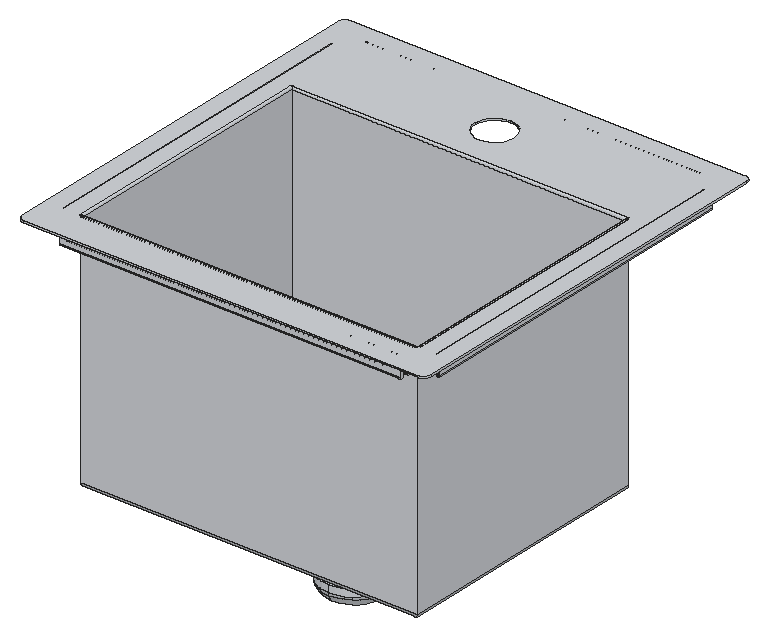
Revit family "Sink-Bar-KOHLER-Vault-K-3840", category Plumbing Fixtures, host Face, Revit 2015
Parameters (values of type "1 Faucet Holes, NA-Stainless Steel")
  Width = 15"  # constant formula
  WaterSense Certified = 1 = 0  # no
  Waste Water Outlet = "Waste Water Outlet"  # constant formula
  Waste Connection = 1 = 1  # yes
  Vent Connection = 1 = 0  # no
  Under Mount [instance] = no
  URL = "https://www.us.kohler.com/us/"
  Type = 1
  Top Mount Height [instance] = if([3 Faucet Holes], 1", 0")  # 0"
  Top Mount [instance] = not(Under Mount)  # yes
  Product Page URL = "http://www.us.kohler.com/us/catalog/productDetails.jsp?productNumber=3840-1"
  Product Name = "Vault"  # constant formula
  Product Documentation Link = "https://www.us.kohler.com/webassets/kpna/catalog/pdf/en/K-3840-1_spec.pdf"
  Model = if(Type = 1, "K-3840-1-NA", if(Type = 2, "K-3840-2-NA", if(Type = 3, "K-3840-3-NA", "NA")))  # "K-3840-1-NA"
  Material = "18-Gauge Stainless Steel"  # constant formula
  MasterFormat 2004 = "22.41.16"  # constant formula
  MasterFormat 1995 = "15410"  # constant formula
  Manufacturer Address = "444 Highland Dr, Kohler, WI 53044"  # constant formula
  Manufacturer = "KOHLER Co."  # constant formula
  Length = 15"  # constant formula
  Hot Water Inlet = "Hot Water Inlet"  # constant formula
  Height = 9 5/16"  # constant formula
  HW Connection = 1 = 0  # no
  Finish = Kohler-Metal-NA-Stainless
  Faucet Hole Spacing = if([3 Faucet Holes], 8", if([2 Faucet Holes], 4", 0"))  # 0"
  Environmental Product Declaration = ""
  Drain Included = 1 = 0  # no
  Description = if(Type = 1, "15inch x 15inch x 9-5/16inch top-/under-mount bar sink with single faucet hole\r\n", if(Type = 2, "15inch x 15inch x 9-5/16inch top-/under-mount bar sink with 2 faucet holes\r\n", if(Type = 3, "12-1/4inch x 9-9/16inch x 9inch top-/under-mount bar sink with 3 faucet holes\r\n", "NA")))  # "15inch x 15inch x 9-5/16inch top-/under-mount bar sink with single faucet hole\r\n"
  Depth [instance] = if(Under Mount, 1 1/16", 0")  # 0"
  Default Elevation = 36"
  Declare Label = ""
  Date Modified = "04/23/2019"  # constant formula
  Date Created = "04/23/2019"  # constant formula
  Copyright = "Copyright KOHLER Co."  # constant formula
  Contact Us = "https://www.us.kohler.com/us/static/contact.jsp"
  Cold Water Inlet = "Cold Water Inlet"  # constant formula
  CW Connection = 1 = 0  # no
  Assembly Code = "D2010400"
  ADA Compliant = 1 = 1  # yes
  3 Faucet Holes = Type = 3  # no
  2 Faucet Holes = Type = 2  # no
  -1 = Type = 1  # yes
Reference planes (in)
  plane 1 "Center (Front/Back)": y = 0
  plane 2: z = 0
  plane 3 "Center (Left/Right)": x = 0
  plane 4: y = 8.875
  plane 5: y = -6.125
  plane 6: x = -7.5
  plane 7: x = 7.5
  plane 8: z = 0
  plane 9: z = -9.2645
  plane 10: y = 6.4375
  plane 11: y = 4.8125
  plane 12: z = -12.1284486
  plane 13: z = 0
  plane 14: z = 0.048
  plane 15: z = -1.6632158
  plane 16: z = -0.6007158
  plane 17: x = 0
  plane 18: x = 0
Forms (in)
  Extrusion 1, void
    sketch origin (0, 0, 0) x (1, 0, 0) y (0, 1, 0)
      loop
        line (-6.1845989, 4.8377094) -> (-6.1845989, -4.8317275) -> (6.1848381, -4.8317275) -> (6.1848381, 4.8377094) -> (-6.1845989, 4.8377094)
    from -14.6395 to 0.379127
  Extrusion 2, void
    sketch origin (0, 0, 0) x (1, 0, 0) y (0, 1, 0)
      loop
        arc (-6.8475444, 8.4855379) -> (-7.0401955, 8.4057392) -> (-7.1199941, 8.2130881) r 0.2724498
        line (-7.1199941, 8.2130881) -> (-7.1199941, -5.5397541)
        arc (-7.1199941, -5.5397541) -> (-7.0399062, -5.7331036) -> (-6.8465566, -5.8131916) r 0.2734375
        line (-6.8465566, -5.8131916) -> (6.8580009, -5.8131916)
        arc (6.8580009, -5.8131916) -> (7.0513504, -5.7331036) -> (7.1314384, -5.5397541) r 0.2734375
        line (7.1314384, -5.5397541) -> (7.1314384, 8.2121004)
        arc (7.1314384, 8.2121004) -> (7.0513504, 8.4054499) -> (6.8580009, 8.4855379) r 0.2734375
        line (6.8580009, 8.4855379) -> (-6.8475444, 8.4855379)
    from -14.6323404 to -1.0625
Dimensions and locks (in)
  "Length": plane 6 to plane 7
  "Width": plane 4 to plane 5
  "Depth": level to plane 13
  locked: plane 14 to plane 13 at 0.048
  "Height": plane 14 to plane 9
  locked: plane 12 to plane 9 at 2.8639486
  locked: plane 14 to plane 16 at 0.6487158
  equal spacing: plane 17, plane 3 "Center (Left/Right)", plane 18
  "Faucet Hole Spacing": plane 17 to plane 18
  aligned and locked: plane 2 to host face
  aligned and locked: level to host face
  aligned and locked: plane 13 to nested 1
Automatic sketch dimensions
  host sketch curve to host sketch curve = 96"  (x2)
  Extrusion 1 sketch curve to plane 6 = 1.3154"
  plane 7 to Extrusion 1 sketch curve = 1.31516"
  Extrusion 1 sketch curve to plane 4 = 4.03729"
  Extrusion 2 sketch curve to plane 6 = 0.38001"
  Extrusion 2 sketch curve to plane 4 = 0.38946"
  plane 5 to Extrusion 2 sketch curve = 0.31181"
  plane 7 to Extrusion 2 sketch curve = 0.36856"
  Extrusion 2 sketch curve to plane 6 = 0.65246"
  Extrusion 2 sketch curve to plane 6 = 0.65344"
  plane 7 to Extrusion 2 sketch curve = 0.642"  (x2)
  plane 5 to Extrusion 1 sketch curve = 1.29327"
Nested families (in)
  nested 1: "K-3840" at (0, 0, 0.048), type "K-3840"
    with Faucet Hole Spacing 8"
Connectors (in)
  piping at (0, 0, -12.0405864), diameter 1.5, driven by "Waste Connection", driven by "Waste Water Outlet"
    settings: on nested 1, index 1, connector inside diameter 24", connector length 0", flow factor 0, pipe flow 0 GPM, pressure drop 0.00 psi, fitting loss kfactor 0, connector angle 0.00°, fixture units 0, engagement length 0", angle of deflection 0.00°, flow configuration 0, flow direction 2, fitting loss method 0, system type 16, joint type 0, gender type 0, connector reference index -1, connector utility 1, adjustable connector no, is connector primary yes, connector description "Waste Water Outlet"
Definition of nested family "K-3840"
  Parameters (values of type "K-3840")
    _2 = no
    _3 = no
    _1 = yes
    Material = none
    Hole alignment 1 = if(_2, 2", 6 7/16")  # 6 7/16"
    Hole alignment = if(_1, 2", 6 7/16")  # 2"
    Faucet Hole Spacing [instance] = if(_2, 4", 8")  # 8"
  Reference planes (in)
    plane 1 "Center (Front/Back)": y = 0
    plane 2: z = 0
    plane 3 "Center (Left/Right)": x = 0
    plane 4: y = 8.875
    plane 5: y = 6.4375
    plane 6: x = -7.5
    plane 7: x = 7.5
    plane 8: y = -6.125
    plane 9: z = -14.6875
    plane 10: z = -9.3125
    plane 11: y = 4.8125
    plane 12: x = 4
    plane 13: x = -4
    plane 14: y = 2
    plane 15: y = 6.4375
    plane 16: z = -0.048
    plane 17: z = 0
    plane 18: z = -12.1764486
    plane 19: x = -4
    plane 20: x = 4
    plane 21: x = -2
    plane 22: x = 2
  Forms (in)
    Sweep 1, solid, material <- "Material", detail levels medium+fine
      path origin (0, 0, 0) x (1, 0, 0) y (0, 1, 0)
        loop
          line (-6.2358804, -4.8830091) -> (6.2361196, -4.8830091) -> (6.2361196, 4.8889909) -> (-6.2358804, 4.8889909) -> (-6.2358804, -4.8830091)
      profile origin (-6.2358804, 0.0029909, 0) x (-1, 0, 0) y (0, 0, 1)
        loop
          line (-4.4900003, -9.0318847) -> (-0.1705347, -8.9200822)
          arc (-0.1705347, -8.9200822) -> (-0.0943296, -8.88677) -> (-0.0630003, -8.8097285) r 0.1103907
          line (-0.0630003, -8.8097285) -> (-0.0630003, -8.5646851) -> (-0.1137815, -8.5646851) -> (-0.1137815, -8.8097285)
          arc (-0.1137815, -8.8097285) -> (-0.1306989, -8.8513298) -> (-0.1718486, -8.869318) r 0.0596095
          line (-0.1718486, -8.869318) -> (-4.4900003, -8.9810864) -> (-4.4900003, -9.0318847)
    Extrusion 2, void
      sketch origin (0, 0, 0) x (1, 0, 0) y (0, 1, 0)
        loop
          circle (0.0013225, 0.0003994) r 2.1811357
      from -9.221 to -8.4949605
    Extrusion 3, solid, material <- "Material", detail levels medium+fine
      sketch origin (0, 0, 0) x (1, 0, 0) y (0, 1, 0)
        loop
          line (-6.1728801, 4.8259906) -> (-6.1728801, -4.8200088) -> (6.1731193, -4.8200088) -> (6.1731193, 4.8259906) -> (-6.1728801, 4.8259906)
        loop
          line (-6.1220989, 4.7752094) -> (-6.1220989, -4.7692275) -> (6.1223381, -4.7692275) -> (6.1223381, 4.7752094) -> (-6.1220989, 4.7752094)
      from -8.5646851 to -0.111
    Extrusion 4, solid, material <- "Material", detail levels medium+fine
      sketch origin (0, 0, 0) x (1, 0, 0) y (0, 1, 0)
        loop
          line (7.2265625, 8.875) -> (-7.2275502, 8.875)
          arc (-7.2275502, 8.875) -> (-7.4202013, 8.7952013) -> (-7.5, 8.6025502) r 0.2724498
          line (-7.5, 8.6025502) -> (-7.5, -5.8515625)
          arc (-7.5, -5.8515625) -> (-7.419912, -6.044912) -> (-7.2265625, -6.125) r 0.2734375
          line (-7.2265625, -6.125) -> (7.2265625, -6.125)
          arc (7.2265625, -6.125) -> (7.419912, -6.044912) -> (7.5, -5.8515625) r 0.2734375
          line (7.5, -5.8515625) -> (7.5, 8.6015625)
          arc (7.5, 8.6015625) -> (7.419912, 8.794912) -> (7.2265625, 8.875) r 0.2734375
        loop
          line (6.2361196, 4.8889909) -> (-6.2358804, 4.8889909) -> (-6.2358804, -4.8830091) -> (6.2361196, -4.8830091) -> (6.2361196, 4.8889909)
      from -0.048 to 0
    Sweep 5, solid, material <- "Material", detail levels medium+fine
      path origin (0, 0, 0) x (1, 0, 0) y (0, 1, 0)
        loop
          line (-6.1220989, 4.7752094) -> (-6.1220989, -4.7692275) -> (6.1223381, -4.7692275) -> (6.1223381, 4.7752094) -> (-6.1220989, 4.7752094)
      profile origin (0.0001196, 4.7752094, 0) x (0, 1, 0) y (0, 0, 1)
        loop
          line (0, -0.111) -> (0.0507813, -0.111) -> (0.0507813, -0.0682221)
          arc (0.0507813, -0.0682221) -> (0.0567042, -0.0539229) -> (0.0710034, -0.048) r 0.0202221
          line (0.0710034, -0.048) -> (0.1137815, -0.048) -> (0.1137815, 0) -> (0.0698356, 0)
          arc (0.0698356, 0) -> (0.0204544, -0.0204544) -> (0, -0.0698356) r 0.0698356
          line (0, -0.0698356) -> (0, -0.111)
    Extrusion 6, solid, material <- "Material", detail levels medium+fine
      sketch origin (0, 0, 0) x (0, 1, 0) y (0, 0, 1)
        loop
          arc (-5.3100279, -0.23966) -> (-5.3040484, -0.254128) -> (-5.3020091, -0.2696496) r 0.0600888
          line (-5.3020091, -0.2696496) -> (-5.3020091, -0.5916883)
          arc (-5.3020091, -0.5916883) -> (-5.3282591, -0.6179383) -> (-5.3545091, -0.5916883) r 0.02625
          line (-5.3545091, -0.5916883) -> (-5.3545091, -0.433) -> (-5.3853197, -0.433) -> (-5.3853197, -0.5920605)
          arc (-5.3853197, -0.5920605) -> (-5.3286644, -0.6487158) -> (-5.2720091, -0.5920605) r 0.0566553
          line (-5.2720091, -0.5920605) -> (-5.2720091, -0.2648109)
          arc (-5.2720091, -0.2648109) -> (-5.2744524, -0.2462145) -> (-5.2816164, -0.2288803) r 0.0719923
          line (-5.2816164, -0.2288803) -> (-5.3710876, -0.0735348)
          arc (-5.3710876, -0.0735348) -> (-5.3897499, -0.054843) -> (-5.4152614, -0.048) r 0.0509767
          line (-5.4152614, -0.048) -> (-5.5527813, -0.048)
          arc (-5.5527813, -0.048) -> (-5.5791373, -0.0550695) -> (-5.5984174, -0.07438) r 0.0526641
          line (-5.5984174, -0.07438) -> (-5.6886619, -0.2310683)
          arc (-5.6886619, -0.2310683) -> (-5.6948863, -0.2461288) -> (-5.6970091, -0.2622859) r 0.0625491
          line (-5.6970091, -0.2622859) -> (-5.6970091, -0.591357)
          arc (-5.6970091, -0.591357) -> (-5.6399172, -0.6484489) -> (-5.5828253, -0.591357) r 0.0570919
          line (-5.5828253, -0.591357) -> (-5.5828253, -0.433) -> (-5.6145091, -0.433) -> (-5.6145091, -0.591337)
          arc (-5.6145091, -0.591337) -> (-5.6407591, -0.617587) -> (-5.6670091, -0.591337) r 0.02625
          line (-5.6670091, -0.591337) -> (-5.6670091, -0.2696944)
          arc (-5.6670091, -0.2696944) -> (-5.6649641, -0.2541295) -> (-5.6589679, -0.2396212) r 0.0602563
          line (-5.6589679, -0.2396212) -> (-5.5760636, -0.0956773)
          arc (-5.5760636, -0.0956773) -> (-5.5631439, -0.0827373) -> (-5.5454827, -0.078) r 0.0352904
          line (-5.5454827, -0.078) -> (-5.4233368, -0.078)
          arc (-5.4233368, -0.078) -> (-5.4058476, -0.0826912) -> (-5.3930537, -0.0955052) r 0.0349467
          line (-5.3930537, -0.0955052) -> (-5.3100279, -0.23966)
        loop
          arc (8.3643483, -0.23966) -> (8.3703278, -0.254128) -> (8.3723671, -0.2696496) r 0.0600888
          line (8.3723671, -0.2696496) -> (8.3723671, -0.5916883)
          arc (8.3723671, -0.5916883) -> (8.3461171, -0.6179383) -> (8.3198671, -0.5916883) r 0.02625
          line (8.3198671, -0.5916883) -> (8.3198671, -0.433) -> (8.2890565, -0.433) -> (8.2890565, -0.5920605)
          arc (8.2890565, -0.5920605) -> (8.3457118, -0.6487158) -> (8.4023671, -0.5920605) r 0.0566553
          line (8.4023671, -0.5920605) -> (8.4023671, -0.2648109)
          arc (8.4023671, -0.2648109) -> (8.3999238, -0.2462145) -> (8.3927598, -0.2288803) r 0.0719923
          line (8.3927598, -0.2288803) -> (8.3032886, -0.0735348)
          arc (8.3032886, -0.0735348) -> (8.2846263, -0.054843) -> (8.2591148, -0.048) r 0.0509767
          line (8.2591148, -0.048) -> (8.1215949, -0.048)
          arc (8.1215949, -0.048) -> (8.0952389, -0.0550695) -> (8.0759588, -0.07438) r 0.0526641
          line (8.0759588, -0.07438) -> (7.9857143, -0.2310683)
          arc (7.9857143, -0.2310683) -> (7.9794899, -0.2461288) -> (7.9773671, -0.2622859) r 0.0625491
          line (7.9773671, -0.2622859) -> (7.9773671, -0.591357)
          arc (7.9773671, -0.591357) -> (8.034459, -0.6484489) -> (8.0915509, -0.591357) r 0.0570919
          line (8.0915509, -0.591357) -> (8.0915509, -0.433) -> (8.0598671, -0.433) -> (8.0598671, -0.591337)
          arc (8.0598671, -0.591337) -> (8.0336171, -0.617587) -> (8.0073671, -0.591337) r 0.02625
          line (8.0073671, -0.591337) -> (8.0073671, -0.2696944)
          arc (8.0073671, -0.2696944) -> (8.0094121, -0.2541295) -> (8.0154083, -0.2396212) r 0.0602563
          line (8.0154083, -0.2396212) -> (8.0983126, -0.0956773)
          arc (8.0983126, -0.0956773) -> (8.1112323, -0.0827373) -> (8.1288935, -0.078) r 0.0352904
          line (8.1288935, -0.078) -> (8.2510394, -0.078)
          arc (8.2510394, -0.078) -> (8.2685286, -0.0826912) -> (8.2813224, -0.0955052) r 0.0349467
          line (8.2813224, -0.0955052) -> (8.3643483, -0.23966)
      from -6.2498804 to 6.2501196
    Extrusion 7, solid, material <- "Material", detail levels medium+fine
      sketch origin (0, 0, 0) x (1, 0, 0) y (0, 0, 1)
        loop
          arc (7.0119402, -0.23966) -> (7.0179197, -0.254128) -> (7.019959, -0.2696496) r 0.0600888
          line (7.019959, -0.2696496) -> (7.019959, -0.5916883)
          arc (7.019959, -0.5916883) -> (6.993709, -0.6179383) -> (6.967459, -0.5916883) r 0.02625
          line (6.967459, -0.5916883) -> (6.967459, -0.433) -> (6.9366483, -0.433) -> (6.9366483, -0.5920605)
          arc (6.9366483, -0.5920605) -> (6.9933037, -0.6487158) -> (7.049959, -0.5920605) r 0.0566553
          line (7.049959, -0.5920605) -> (7.049959, -0.2648109)
          arc (7.049959, -0.2648109) -> (7.0475157, -0.2462145) -> (7.0403516, -0.2288803) r 0.0719923
          line (7.0403516, -0.2288803) -> (6.9508805, -0.0735348)
          arc (6.9508805, -0.0735348) -> (6.9322181, -0.054843) -> (6.9067066, -0.048) r 0.0509767
          line (6.9067066, -0.048) -> (6.7691868, -0.048)
          arc (6.7691868, -0.048) -> (6.7428307, -0.0550695) -> (6.7235506, -0.07438) r 0.0526641
          line (6.7235506, -0.07438) -> (6.6333061, -0.2310683)
          arc (6.6333061, -0.2310683) -> (6.6270818, -0.2461288) -> (6.624959, -0.2622859) r 0.0625491
          line (6.624959, -0.2622859) -> (6.624959, -0.591357)
          arc (6.624959, -0.591357) -> (6.6820509, -0.6484489) -> (6.7391428, -0.591357) r 0.0570919
          line (6.7391428, -0.591357) -> (6.7391428, -0.433) -> (6.707459, -0.433) -> (6.707459, -0.591337)
          arc (6.707459, -0.591337) -> (6.681209, -0.617587) -> (6.654959, -0.591337) r 0.02625
          line (6.654959, -0.591337) -> (6.654959, -0.2696944)
          arc (6.654959, -0.2696944) -> (6.657004, -0.2541295) -> (6.6630001, -0.2396212) r 0.0602563
          line (6.6630001, -0.2396212) -> (6.7459045, -0.0956773)
          arc (6.7459045, -0.0956773) -> (6.7588241, -0.0827373) -> (6.7764854, -0.078) r 0.0352904
          line (6.7764854, -0.078) -> (6.8986312, -0.078)
          arc (6.8986312, -0.078) -> (6.9161205, -0.0826912) -> (6.9289143, -0.0955052) r 0.0349467
          line (6.9289143, -0.0955052) -> (7.0119402, -0.23966)
        loop
          arc (-6.6623873, -0.23966) -> (-6.6564078, -0.254128) -> (-6.6543684, -0.2696496) r 0.0600888
          line (-6.6543684, -0.2696496) -> (-6.6543684, -0.5916883)
          arc (-6.6543684, -0.5916883) -> (-6.6806184, -0.6179383) -> (-6.7068684, -0.5916883) r 0.02625
          line (-6.7068684, -0.5916883) -> (-6.7068684, -0.433) -> (-6.7376791, -0.433) -> (-6.7376791, -0.5920605)
          arc (-6.7376791, -0.5920605) -> (-6.6810238, -0.6487158) -> (-6.6243684, -0.5920605) r 0.0566553
          line (-6.6243684, -0.5920605) -> (-6.6243684, -0.2648109)
          arc (-6.6243684, -0.2648109) -> (-6.6268117, -0.2462145) -> (-6.6339758, -0.2288803) r 0.0719923
          line (-6.6339758, -0.2288803) -> (-6.7234469, -0.0735348)
          arc (-6.7234469, -0.0735348) -> (-6.7421093, -0.054843) -> (-6.7676208, -0.048) r 0.0509767
          line (-6.7676208, -0.048) -> (-6.9051407, -0.048)
          arc (-6.9051407, -0.048) -> (-6.9314967, -0.0550695) -> (-6.9507768, -0.07438) r 0.0526641
          line (-6.9507768, -0.07438) -> (-7.0410213, -0.2310683)
          arc (-7.0410213, -0.2310683) -> (-7.0472456, -0.2461288) -> (-7.0493684, -0.2622859) r 0.0625491
          line (-7.0493684, -0.2622859) -> (-7.0493684, -0.591357)
          arc (-7.0493684, -0.591357) -> (-6.9922766, -0.6484489) -> (-6.9351847, -0.591357) r 0.0570919
          line (-6.9351847, -0.591357) -> (-6.9351847, -0.433) -> (-6.9668684, -0.433) -> (-6.9668684, -0.591337)
          arc (-6.9668684, -0.591337) -> (-6.9931184, -0.617587) -> (-7.0193684, -0.591337) r 0.02625
          line (-7.0193684, -0.591337) -> (-7.0193684, -0.2696944)
          arc (-7.0193684, -0.2696944) -> (-7.0173235, -0.2541295) -> (-7.0113273, -0.2396212) r 0.0602563
          line (-7.0113273, -0.2396212) -> (-6.9284229, -0.0956773)
          arc (-6.9284229, -0.0956773) -> (-6.9155033, -0.0827373) -> (-6.897842, -0.078) r 0.0352904
          line (-6.897842, -0.078) -> (-6.7756962, -0.078)
          arc (-6.7756962, -0.078) -> (-6.7582069, -0.0826912) -> (-6.7454131, -0.0955052) r 0.0349467
          line (-6.7454131, -0.0955052) -> (-6.6623873, -0.23966)
      from -7.6029909 to 4.8970091
    Sweep 8, solid, material <- "Material", detail levels medium+fine
      path origin (0, 0, 0) x (1, 0, 0) y (0, 1, 0)
        loop
          line (-5.7502131, 3.8624244) -> (-5.7502131, -3.8628566)
          arc (-5.7502131, -3.8628566) -> (-5.5728754, -4.2909877) -> (-5.1447444, -4.4683254) r 0.6054688
          line (-5.1447444, -4.4683254) -> (5.1447444, -4.4683254)
          arc (5.1447444, -4.4683254) -> (5.5728754, -4.2909877) -> (5.7502131, -3.8628566) r 0.6054688
          line (5.7502131, -3.8628566) -> (5.7502131, 3.8628566)
          arc (5.7502131, 3.8628566) -> (5.5728754, 4.2909877) -> (5.1447444, 4.4683254) r 0.6054688
          line (5.1447444, 4.4683254) -> (-5.1443122, 4.4683254)
          arc (-5.1443122, 4.4683254) -> (-5.5727489, 4.2908611) -> (-5.7502131, 3.8624244) r 0.6059009
      profile origin (-5.7502131, -0.0002161, 0) x (1, 0, 0) y (0, 0, 1)
        loop
          circle (0.0971116, -7.9631939) r 0.0930338
    Sweep 9, solid, material <- "Material", detail levels medium+fine
      path origin (0, 0, 0) x (1, 0, 0) y (0, 1, 0)
        loop
          circle (-0.0000572, 0.0134086) r 2.2100278
      profile origin (-0.0000572, 2.2234364, 0) x (0, -1, 0) y (0, 0, 1)
        loop
          circle (0.1300224, -7.9650898) r 0.0956173
    Blend 10, solid, material <- "Material", detail levels medium+fine
      base sketch origin (0, 0, 0) x (1, 0, 0) y (0, 1, 0)
        loop
          spline (-3.7437195, 3.3664004) -> (-3.7072697, 3.374919) -> (-3.6733039, 3.3998941) -> (-3.6441368, 3.4396237) -> (-3.6217561, 3.4914004) -> (-3.6076871, 3.5516957) -> (-3.6028884, 3.6164004) -> (-3.6076871, 3.6811052) -> (-3.6217561, 3.7414004) -> (-3.6441368, 3.7931771) -> (-3.6733039, 3.8329068) -> (-3.7072697, 3.8578819) -> (-3.7437195, 3.8664004)
          spline (-3.7437195, 3.8664004) -> (-3.7801693, 3.8578819) -> (-3.8141351, 3.8329068) -> (-3.8433021, 3.7931771) -> (-3.8656828, 3.7414004) -> (-3.8797519, 3.6811052) -> (-3.8845506, 3.6164004) -> (-3.8797519, 3.5516957) -> (-3.8656828, 3.4914004) -> (-3.8433021, 3.4396237) -> (-3.8141351, 3.3998941) -> (-3.7801693, 3.374919) -> (-3.7437195, 3.3664004)
      top sketch origin (0, 0, 0) x (1, 0, 0) y (0, 1, 0)
        loop
          circle (-3.7437195, 3.621817) r 0.333857
      from -8.35325 to -8.8086811
    Blend 11, solid, material <- "Material", detail levels medium+fine
      base sketch origin (0, -7.25, 0) x (1, 0, 0) y (0, 1, 0)
        loop
          spline (-3.7437195, 3.3664004) -> (-3.7072697, 3.374919) -> (-3.6733039, 3.3998941) -> (-3.6441368, 3.4396237) -> (-3.6217561, 3.4914004) -> (-3.6076871, 3.5516957) -> (-3.6028884, 3.6164004) -> (-3.6076871, 3.6811052) -> (-3.6217561, 3.7414004) -> (-3.6441368, 3.7931771) -> (-3.6733039, 3.8329068) -> (-3.7072697, 3.8578819) -> (-3.7437195, 3.8664004)
          spline (-3.7437195, 3.8664004) -> (-3.7801693, 3.8578819) -> (-3.8141351, 3.8329068) -> (-3.8433021, 3.7931771) -> (-3.8656828, 3.7414004) -> (-3.8797519, 3.6811052) -> (-3.8845506, 3.6164004) -> (-3.8797519, 3.5516957) -> (-3.8656828, 3.4914004) -> (-3.8433021, 3.4396237) -> (-3.8141351, 3.3998941) -> (-3.7801693, 3.374919) -> (-3.7437195, 3.3664004)
      top sketch origin (0, -7.25, 0) x (1, 0, 0) y (0, 1, 0)
        loop
          circle (-3.7437195, 3.621817) r 0.333857
      from -8.35325 to -8.8086811
    Blend 12, solid, material <- "Material", detail levels medium+fine
      base sketch origin (7.5, -7.25, 0) x (1, 0, 0) y (0, 1, 0)
        loop
          spline (-3.7437195, 3.3664004) -> (-3.7072697, 3.374919) -> (-3.6733039, 3.3998941) -> (-3.6441368, 3.4396237) -> (-3.6217561, 3.4914004) -> (-3.6076871, 3.5516957) -> (-3.6028884, 3.6164004) -> (-3.6076871, 3.6811052) -> (-3.6217561, 3.7414004) -> (-3.6441368, 3.7931771) -> (-3.6733039, 3.8329068) -> (-3.7072697, 3.8578819) -> (-3.7437195, 3.8664004)
          spline (-3.7437195, 3.8664004) -> (-3.7801693, 3.8578819) -> (-3.8141351, 3.8329068) -> (-3.8433021, 3.7931771) -> (-3.8656828, 3.7414004) -> (-3.8797519, 3.6811052) -> (-3.8845506, 3.6164004) -> (-3.8797519, 3.5516957) -> (-3.8656828, 3.4914004) -> (-3.8433021, 3.4396237) -> (-3.8141351, 3.3998941) -> (-3.7801693, 3.374919) -> (-3.7437195, 3.3664004)
      top sketch origin (7.5, -7.25, 0) x (1, 0, 0) y (0, 1, 0)
        loop
          circle (-3.7437195, 3.621817) r 0.333857
      from -8.35325 to -8.8086811
    Blend 13, solid, material <- "Material", detail levels medium+fine
      base sketch origin (7.5, 0, 0) x (1, 0, 0) y (0, 1, 0)
        loop
          spline (-3.7437195, 3.3664004) -> (-3.7072697, 3.374919) -> (-3.6733039, 3.3998941) -> (-3.6441368, 3.4396237) -> (-3.6217561, 3.4914004) -> (-3.6076871, 3.5516957) -> (-3.6028884, 3.6164004) -> (-3.6076871, 3.6811052) -> (-3.6217561, 3.7414004) -> (-3.6441368, 3.7931771) -> (-3.6733039, 3.8329068) -> (-3.7072697, 3.8578819) -> (-3.7437195, 3.8664004)
          spline (-3.7437195, 3.8664004) -> (-3.7801693, 3.8578819) -> (-3.8141351, 3.8329068) -> (-3.8433021, 3.7931771) -> (-3.8656828, 3.7414004) -> (-3.8797519, 3.6811052) -> (-3.8845506, 3.6164004) -> (-3.8797519, 3.5516957) -> (-3.8656828, 3.4914004) -> (-3.8433021, 3.4396237) -> (-3.8141351, 3.3998941) -> (-3.7801693, 3.374919) -> (-3.7437195, 3.3664004)
      top sketch origin (7.5, 0, 0) x (1, 0, 0) y (0, 1, 0)
        loop
          circle (-3.7437195, 3.621817) r 0.333857
      from -8.35325 to -8.8086811
    Sweep 14, solid, material <- "Material", detail levels medium+fine
      path origin (0, 0, 0) x (1, 0, 0) y (0, 0, 1)
        loop
          line (-5.648681, -8.103862) -> (-4.6358295, -8.2642819) -> (-2.4856889, -8.2642819) -> (-2.0181729, -8.1390114)
      profile origin (-3.5607592, 0, -8.2642819) x (0, 0, 1) y (0, -1, 0)
        loop
          circle (0, 0) r 0.0926243
    Sweep 15, solid, material <- "Material", detail levels medium+fine
      path origin (0, 0, 0) x (-1, 0, 0) y (0, 0, 1)
        loop
          line (-5.648681, -8.103862) -> (-4.6358295, -8.2642819) -> (-2.4856889, -8.2642819) -> (-2.0181729, -8.1390114)
      profile origin (3.5607592, 0, -8.2642819) x (0, 0, -1) y (0, -1, 0)
        loop
          circle (0, 0) r 0.0926243
    Sweep 16, solid, material <- "Material", detail levels medium+fine
      path origin (0.6294245, 0.5030269, 0) x (-0.778406, -0.627762, 0) y (0, 0, -1)
        loop
          line (-6.1321756, 8.1596472) -> (-4.6358295, 8.2642819) -> (-2.4856889, 8.2642819) -> (-1.2425365, 8.1336214)
      profile origin (3.4011392, 2.7383353, -8.2642819) x (0, 0, -1) y (0.627762, -0.778406, 0)
        loop
          circle (0, 0) r 0.0926243
    Sweep 17, solid, material <- "Material", detail levels medium+fine
      path origin (0.6294245, -0.5030269, 0) x (-0.778406, 0.627762, 0) y (0, 0, 1)
        loop
          line (-6.1321756, -8.1596472) -> (-4.6358295, -8.2642819) -> (-2.4856889, -8.2642819) -> (-1.2425365, -8.1336214)
      profile origin (3.4011392, -2.7383353, -8.2642819) x (0, 0, 1) y (0.627762, 0.778406, 0)
        loop
          circle (0, 0) r 0.0926243
    Sweep 18, solid, material <- "Material", detail levels medium+fine
      path origin (-0.6294245, 0.5030269, 0) x (0.778406, -0.627762, 0) y (0, 0, 1)
        loop
          line (-6.1321756, -8.1596472) -> (-4.6358295, -8.2642819) -> (-2.4856889, -8.2642819) -> (-1.2425365, -8.1336214)
      profile origin (-3.4011392, 2.7383353, -8.2642819) x (0, 0, 1) y (-0.627762, -0.778406, 0)
        loop
          circle (0, 0) r 0.0926243
    Sweep 19, solid, material <- "Material", detail levels medium+fine
      path origin (-0.6294245, -0.5030269, 0) x (0.778406, 0.627762, 0) y (0, 0, -1)
        loop
          line (-6.1321756, 8.1596472) -> (-4.6358295, 8.2642819) -> (-2.4856889, 8.2642819) -> (-1.2425365, 8.1336214)
      profile origin (-3.4011392, -2.7383353, -8.2642819) x (0, 0, -1) y (-0.627762, 0.778406, 0)
        loop
          circle (0, 0) r 0.0926243
    Extrusion 20, solid, material <- "Material", detail levels medium+fine
      sketch origin (0, 0, 0) x (1, 0, 0) y (0, 0, 1)
        loop
          circle (-4.6779721, -8.1106828) r 0.0537488
        loop
          circle (-2.8055075, -8.1106828) r 0.0537488
        loop
          circle (2.8106931, -8.1106828) r 0.0537488
        loop
          circle (4.6839487, -8.1106828) r 0.0537488
      from -4.3749909 to 4.3750091
    Extrusion 21, solid, material <- "Material", detail levels medium+fine
      sketch origin (0, 0, 0) x (1, 0, 0) y (0, 0, 1)
        loop
          circle (-1.8705105, -8.1106828) r 0.0537488
        loop
          circle (-0.9373744, -8.1106828) r 0.0537488
        loop
          circle (0.0029068, -8.1106828) r 0.0537488
        loop
          circle (0.9306143, -8.1106828) r 0.0537488
        loop
          circle (1.8727979, -8.1106828) r 0.0537488
      from -4.3749909 to 4.3750091
    Sweep 22, solid, material <- "Material", detail levels medium+fine
      path origin (0, 0, 0) x (0, 1, 0) y (0, 0, 1)
        loop
          line (4.3749909, -8.1106828) -> (3.7652409, -8.1106828) -> (3.7652409, -8.6332501) -> (3.4852435, -8.6332501) -> (3.4852435, -8.1106828) -> (-3.4852591, -8.1106828) -> (-3.4852591, -8.6332501) -> (-3.7903518, -8.6332501) -> (-3.7903518, -8.1106828) -> (-4.3750091, -8.1106828)
      profile origin (0, 4.0701159, -8.1106828) x (0, 0, -1) y (1, 0, 0)
        loop
          circle (0, -3.7432391) r 0.0537488
        loop
          circle (0, 3.7432391) r 0.0537488
    Extrusion 23, void
      sketch origin (0, 0, 0) x (1, 0, 0) y (0, 1, 0)
        loop
          circle (0.0013225, 0.0003994) r 2
      from -8.8086375 to -7.608108
    Revolve 24, solid, material <- "Material", detail levels coarse
      sketch origin (0, 0, 0) x (0, 1, 0) y (0, 0, 1)
        loop
          line (0.0077425, -9.3125) -> (2.1661561, -9.3125)
          arc (2.1661561, -9.3125) -> (2.2490944, -9.2781458) -> (2.2834486, -9.1952076) r 0.1172924
          line (2.2834486, -9.1952076) -> (2.2834486, -8.9533023) -> (0.0077425, -8.9533023) -> (0.0077425, -9.3125)
        axis (0.0077425, -8.9533023) -> (0.0077425, -9.3125)
      angle from 0 to 360
    Revolve 25, solid, detail levels medium+fine
      sketch origin (0, 0, 0.171875) x (0, 1, 0) y (0, 0, 1)
        loop
          arc (1.5538302, -8.3693799) -> (1.5900818, -8.290744) -> (1.6705071, -8.2586576) r 0.1168371
          line (1.6705071, -8.2586576) -> (1.7516757, -8.2586576)
          arc (1.7516757, -8.2586576) -> (1.7689883, -8.2413449) -> (1.7516757, -8.2240323) r 0.0173126
          line (1.7516757, -8.2240323) -> (1.6819251, -8.2240323)
          arc (1.6819251, -8.2240323) -> (1.5716808, -8.2680153) -> (1.5219884, -8.3758066) r 0.1601563
          line (1.5219884, -8.3758066) -> (1.4902477, -8.9814556)
          arc (1.4902477, -8.9814556) -> (1.4615741, -9.0436533) -> (1.397961, -9.0690323) r 0.0924133
          line (1.397961, -9.0690323) -> (0.1436592, -9.0690323) -> (0.1436592, -8.2240323) -> (0.2606505, -8.2240323)
          arc (0.2606505, -8.2240323) -> (0.3102041, -8.1825775) -> (0.2781511, -8.1264824) r 0.0503448
          arc (0.2781511, -8.1264824) -> (0.1413392, -8.0891674) -> (0.0000881, -8.0765974) r 0.799916
          line (0.0000881, -8.0765974) -> (0.0000881, -9.3177823) -> (1.6823097, -9.3177823) -> (1.6823097, -8.4627748)
          arc (1.6823097, -8.4627748) -> (1.7109588, -8.3858869) -> (1.7829355, -8.3464932) r 0.1174995
          line (1.7829355, -8.3464932) -> (1.9609179, -8.320666)
          arc (1.9609179, -8.320666) -> (2.0023857, -8.2691044) -> (1.9539432, -8.2240323) r 0.0485686
          line (1.9539432, -8.2240323) -> (1.8244751, -8.2240323)
          arc (1.8244751, -8.2240323) -> (1.8053289, -8.2286565) -> (1.7904038, -8.2415096) r 0.041949
          arc (1.7904038, -8.2415096) -> (1.7688842, -8.2626308) -> (1.7415056, -8.2752643) r 0.0881542
          arc (1.7415056, -8.2752643) -> (1.6350364, -8.3460838) -> (1.5935019, -8.4670217) r 0.1993389
          line (1.5935019, -8.4670217) -> (1.5935019, -9.2417669) -> (1.5081103, -9.2417669) -> (1.5538302, -8.3693799)
        axis (0.0000881, -8.0765974) -> (0.0000881, -9.3177823)
      angle from 0 to 360
    Extrusion 26, void
      sketch origin (0, 0, 0) x (1, 0, 0) y (0, 1, 0)
        loop
          circle (0.5561759, 1.1540727) r 0.0953652
        loop
          circle (0.7984631, 1.0026749) r 0.0953652
        loop
          circle (1.0029487, 0.7981892) r 0.0953652
        loop
          circle (1.1554852, 0.5540798) r 0.0953652
        loop
          circle (0.2844337, 1.2479348) r 0.0953652
        loop
          circle (0.0012674, 1.2827033) r 0.0953652
        loop
          circle (-0.2866805, 1.2524387) r 0.0953652
        loop
          circle (-0.5565751, 1.1488359) r 0.0953652
        loop
          circle (-0.796399, 1.0047352) r 0.0953652
        loop
          circle (-1.0008465, 0.8002876) r 0.0953652
        loop
          circle (-1.1530567, 0.5567005) r 0.0953652
        loop
          circle (-1.2475049, 0.2824028) r 0.0953652
        loop
          circle (-1.2809125, 0.0017163) r 0.0953652
        loop
          circle (-0.9534602, 0.0017163) r 0.0953652
        loop
          circle (-0.9044506, 0.2948488) r 0.0953652
        loop
          circle (-0.7685209, 0.5616259) r 0.0953652
        loop
          circle (-0.5572898, 0.772857) r 0.0953652
        loop
          circle (-0.2941767, 0.9069198) r 0.0953652
        loop
          circle (-0.0016673, 0.9532488) r 0.0953652
        loop
          circle (0.2940213, 0.9064163) r 0.0953652
        loop
          circle (0.5589892, 0.7714084) r 0.0953652
        loop
          circle (0.7703171, 0.5596529) r 0.0953652
        loop
          circle (0.9050663, 0.2952488) r 0.0953652
        loop
          circle (1.2546115, 0.2913426) r 0.0953652
        loop
          circle (0.9514887, -0.0000614) r 0.0953652
        loop
          circle (1.2793767, -0.0000614) r 0.0953652
        loop
          circle (0.5561759, -1.1540727) r 0.0953652
        loop
          circle (0.7984631, -1.0026749) r 0.0953652
        loop
          circle (1.0029487, -0.7981892) r 0.0953652
        loop
          circle (1.1554852, -0.5540798) r 0.0953652
        loop
          circle (0.2844337, -1.2479348) r 0.0953652
        loop
          circle (0.0012674, -1.2827033) r 0.0953652
        loop
          circle (-0.2866805, -1.2524387) r 0.0953652
        loop
          circle (-0.5565751, -1.1488359) r 0.0953652
        loop
          circle (-0.796399, -1.0047352) r 0.0953652
        loop
          circle (-1.0008465, -0.8002876) r 0.0953652
        loop
          circle (-1.1530567, -0.5567005) r 0.0953652
        loop
          circle (-1.2475049, -0.2824028) r 0.0953652
        loop
          circle (-0.9044506, -0.2948488) r 0.0953652
        loop
          circle (-0.7685209, -0.5616259) r 0.0953652
        loop
          circle (-0.5572898, -0.772857) r 0.0953652
        loop
          circle (-0.2941767, -0.9069198) r 0.0953652
        loop
          circle (-0.0016673, -0.9532488) r 0.0953652
        loop
          circle (0.2940213, -0.9064163) r 0.0953652
        loop
          circle (0.5589892, -0.7714084) r 0.0953652
        loop
          circle (0.7703171, -0.5596529) r 0.0953652
        loop
          circle (0.9050663, -0.2952488) r 0.0953652
        loop
          circle (1.2546115, -0.2913426) r 0.0953652
        loop
          circle (-0.5439228, 0.3113449) r 0.0953652
        loop
          circle (-0.3112216, 0.5401399) r 0.0953652
        loop
          circle (0, 0.6235315) r 0.0953652
        loop
          circle (0.3129472, 0.5407242) r 0.0953652
        loop
          circle (0.5395843, 0.3148112) r 0.0953652
        loop
          circle (0.6239829, 0) r 0.0953652
        loop
          circle (-0.6261578, 0) r 0.0953652
        loop
          circle (-0.5439228, -0.3113449) r 0.0953652
        loop
          circle (-0.3112216, -0.5401399) r 0.0953652
        loop
          circle (0, -0.6235315) r 0.0953652
        loop
          circle (0.3129472, -0.5407242) r 0.0953652
        loop
          circle (0.5395843, -0.3148112) r 0.0953652
      from -9.5554228 to -7.4799604
    Extrusion 27, void
      sketch origin (0, 0, 0) x (1, 0, 0) y (0, 1, 0)
        loop
          circle (0, 6.4375) r 0.7189092
      from -1.0263165 to 1.6343559
    Extrusion 28, void
      sketch origin (0, 0, 0) x (1, 0, 0) y (0, 1, 0)
        loop
          circle (-4, 2) r 0.7189092
        loop
          circle (4, 2) r 0.7189092
      from -1.0263165 to 1.6343559
    Extrusion 29, solid, material <- "Material", detail levels medium+fine
      sketch origin (0, 0, 0) x (1, 0, 0) y (0, 1, 0)
        loop
          circle (0, 0) r 0.75
      from -9.3125 to -9.2360058
    Extrusion 30, solid, material <- "Material", detail levels coarse
      sketch origin (0, 0, 0) x (1, 0, 0) y (0, 1, 0)
        loop
          line (6.1731193, -4.8200088) -> (6.1731193, 4.8259906) -> (-6.1728801, 4.8259906) -> (-6.1728801, -4.8200088) -> (6.1731193, -4.8200088)
        loop
          line (-6.1416301, -4.7887588) -> (6.1418693, -4.7887588) -> (6.1418693, 4.7947406) -> (-6.1416301, 4.7947406) -> (-6.1416301, -4.7887588)
      from 0 to -9.0698919
    Extrusion 31, solid, material <- "Material", detail levels coarse
      sketch origin (0, 0, 0) x (1, 0, 0) y (0, 1, 0)
        loop
          arc (-7.5, -5.8515625) -> (-7.419912, -6.044912) -> (-7.2265625, -6.125) r 0.2734375
          line (-7.2265625, -6.125) -> (7.2265625, -6.125)
          arc (7.2265625, -6.125) -> (7.419912, -6.044912) -> (7.5, -5.8515625) r 0.2734375
          line (7.5, -5.8515625) -> (7.5, 8.6015625)
          arc (7.5, 8.6015625) -> (7.419912, 8.794912) -> (7.2265625, 8.875) r 0.2734375
          line (7.2265625, 8.875) -> (-7.2275502, 8.875)
          arc (-7.2275502, 8.875) -> (-7.4202013, 8.7952013) -> (-7.5, 8.6025502) r 0.2724498
          line (-7.5, 8.6025502) -> (-7.5, -5.8515625)
        loop
          line (-6.1728801, -4.8200088) -> (6.1731193, -4.8200088) -> (6.1731193, 4.8259906) -> (-6.1728801, 4.8259906) -> (-6.1728801, -4.8200088)
      from -0.6901328 to 0
    Extrusion 32, solid, material <- "Material", detail levels coarse
      sketch origin (0, 0, 0) x (1, 0, 0) y (0, 1, 0)
        loop
          line (6.1731193, 4.8259906) -> (-6.1728801, 4.8259906) -> (-6.1728801, -4.8200088) -> (6.1731193, -4.8200088) -> (6.1731193, 4.8259906)
      from -8.8086811 to -9.0698919
    Revolve 33, solid, material <- "Material", detail levels medium+fine
      sketch origin (0, 0, 0) x (0, 1, 0) y (0, 0, 1)
        loop
          line (1.8027833, -9.3125) -> (2.1625669, -9.3125)
          arc (2.1625669, -9.3125) -> (2.2480432, -9.2770946) -> (2.2834486, -9.1916184) r 0.1208816
          line (2.2834486, -9.1916184) -> (2.2834486, -8.9533023) -> (0, -8.9533023) -> (0, -12.0885864) -> (0.5588167, -12.0885864) -> (0.5588167, -12.1764486) -> (1.0193453, -12.1764486) -> (1.1495625, -11.9442493)
          arc (1.1495625, -11.9442493) -> (1.1669314, -11.9007881) -> (1.1724599, -11.8543123) r 0.1792874
          line (1.1724599, -11.8543123) -> (1.1691558, -11.5900463) -> (1.0335016, -11.5917424) -> (1.0287363, -11.2106121)
          arc (1.0287363, -11.2106121) -> (1.0947175, -10.9916926) -> (1.2743515, -10.8502329) r 0.380105
          line (1.2743515, -10.8502329) -> (1.6510546, -10.7077659)
          arc (1.6510546, -10.7077659) -> (1.7071542, -10.6619924) -> (1.7276597, -10.5925525) r 0.1226461
          arc (1.7276597, -10.5925525) -> (1.7583887, -10.5720037) -> (1.7699748, -10.5368998) r 0.0568247
          line (1.7699748, -10.5368998) -> (1.7552678, -9.3606133)
          arc (1.7552678, -9.3606133) -> (1.7689727, -9.3266288) -> (1.8027833, -9.3125) r 0.0475192
        axis (0, -8.9533023) -> (0, -12.1764486)
      angle from 0 to 360
  Cuts and joins
    Extrusion 26 cuts Revolve 25
    joined: Revolve 24, Extrusion 30, Extrusion 31, Extrusion 32
    Extrusion 2, Extrusion 27, Extrusion 28 cuts Sweep 1
    Extrusion 27, Extrusion 28 cuts Extrusion 3
    Extrusion 27, Extrusion 28 cuts Extrusion 4
    Extrusion 27, Extrusion 28 cuts Sweep 5
    Extrusion 23 cuts Extrusion 21
    joined: Sweep 1, Extrusion 3, Extrusion 4, Sweep 5, Extrusion 6, Extrusion 7, Sweep 8, Sweep 9, Blend 10, Blend 11, Blend 12, Blend 13, Sweep 16, Sweep 17, Sweep 18, Sweep 19, Extrusion 20, Extrusion 21, Sweep 22, Revolve 33
    joined: Sweep 14, Sweep 15
  Lines and regions (in)
    Masking region 1
      outline origin (0, 0, 0) x (0, 1, 0) y (0, 0, 1)
        loop
          line (8.875, 0) -> (-6.125, 0) -> (-6.125, -0.048) -> (-5.5527813, -0.048)
          arc (-5.5527813, -0.048) -> (-5.5791373, -0.0550695) -> (-5.5984174, -0.07438) r 0.0526641
          line (-5.5984174, -0.07438) -> (-5.6886619, -0.2310683)
          arc (-5.6886619, -0.2310683) -> (-5.6948863, -0.2461288) -> (-5.6970091, -0.2622859) r 0.0625491
          line (-5.6970091, -0.2622859) -> (-5.6970091, -0.591357)
          arc (-5.6970091, -0.591357) -> (-5.6399172, -0.6484489) -> (-5.5828253, -0.591357) r 0.0570919
          line (-5.5828253, -0.591357) -> (-5.5828253, -0.433) -> (-5.6145091, -0.433) -> (-5.6145091, -0.591337)
          arc (-5.6145091, -0.591337) -> (-5.6407591, -0.617587) -> (-5.6670091, -0.591337) r 0.02625
          line (-5.6670091, -0.591337) -> (-5.6670091, -0.2696944)
          arc (-5.6670091, -0.2696944) -> (-5.6649641, -0.2541295) -> (-5.6589679, -0.2396212) r 0.0602563
          line (-5.6589679, -0.2396212) -> (-5.5760636, -0.0956773)
          arc (-5.5760636, -0.0956773) -> (-5.5631439, -0.0827373) -> (-5.5454827, -0.078) r 0.0352904
          line (-5.5454827, -0.078) -> (-5.4233368, -0.078)
          arc (-5.4233368, -0.078) -> (-5.4058476, -0.0826912) -> (-5.3930537, -0.0955052) r 0.0349467
          line (-5.3930537, -0.0955052) -> (-5.3100279, -0.23966)
          arc (-5.3100279, -0.23966) -> (-5.3040484, -0.254128) -> (-5.3020091, -0.2696496) r 0.0600888
          line (-5.3020091, -0.2696496) -> (-5.3020091, -0.5916883)
          arc (-5.3020091, -0.5916883) -> (-5.3282591, -0.6179383) -> (-5.3545091, -0.5916883) r 0.02625
          line (-5.3545091, -0.5916883) -> (-5.3545091, -0.433) -> (-5.3853197, -0.433) -> (-5.3853197, -0.5920605)
          arc (-5.3853197, -0.5920605) -> (-5.3286644, -0.6487158) -> (-5.2720091, -0.5920605) r 0.0566553
          line (-5.2720091, -0.5920605) -> (-5.2720091, -0.2648109)
          arc (-5.2720091, -0.2648109) -> (-5.2744524, -0.2462145) -> (-5.2816164, -0.2288803) r 0.0719923
          line (-5.2816164, -0.2288803) -> (-5.3710876, -0.0735348)
          arc (-5.3710876, -0.0735348) -> (-5.3897499, -0.054843) -> (-5.4152614, -0.048) r 0.0509767
          line (-5.4152614, -0.048) -> (-4.8970091, -0.048) -> (-4.8970091, -0.6487158) -> (-4.8200088, -0.6487158) -> (-4.8200088, -8.8122622)
          arc (-4.8200088, -8.8122622) -> (-4.7894174, -8.8874891) -> (-4.7150072, -8.9200167) r 0.1077906
          line (-4.7150072, -8.9200167) -> (-2.3921326, -8.9801405) -> (-2.2679636, -9.1952076) -> (-2.0802565, -9.3125) -> (-1.7868242, -9.3125)
          arc (-1.7868242, -9.3125) -> (-1.7531114, -9.3265879) -> (-1.739446, -9.3604742) r 0.0473818
          line (-1.739446, -9.3604742) -> (-1.7544977, -10.5643224)
          arc (-1.7544977, -10.5643224) -> (-1.745274, -10.5960748) -> (-1.7199351, -10.617317) r 0.0568247
          arc (-1.7199351, -10.617317) -> (-1.7166248, -10.6499996) -> (-1.7047584, -10.6806312) r 0.1226461
          line (-1.7047584, -10.6806312) -> (-1.2558166, -10.8504184)
          arc (-1.2558166, -10.8504184) -> (-1.0781615, -10.9903011) -> (-1.0128685, -11.2067851) r 0.3759757
          line (-1.0128685, -11.2067851) -> (-1.0176338, -11.5879198) -> (-1.1532879, -11.5862238) -> (-1.1566407, -11.8543828)
          arc (-1.1566407, -11.8543828) -> (-1.1511123, -11.9008586) -> (-1.1337434, -11.9443198) r 0.1792874
          line (-1.1337434, -11.9443198) -> (-1.0035658, -12.1764486) -> (1.0191908, -12.1764486) -> (1.1493684, -11.9443198)
          arc (1.1493684, -11.9443198) -> (1.1667373, -11.9008586) -> (1.1722657, -11.8543828) r 0.1792874
          line (1.1722657, -11.8543828) -> (1.1689129, -11.5862238) -> (1.0332588, -11.5879198) -> (1.0284935, -11.2067851)
          arc (1.0284935, -11.2067851) -> (1.0937865, -10.9903011) -> (1.2714416, -10.8504184) r 0.3759757
          line (1.2714416, -10.8504184) -> (1.7203834, -10.6806312)
          arc (1.7203834, -10.6806312) -> (1.7322498, -10.6499996) -> (1.7355601, -10.617317) r 0.1226461
          arc (1.7355601, -10.617317) -> (1.760899, -10.5960748) -> (1.7701227, -10.5643224) r 0.0568247
          line (1.7701227, -10.5643224) -> (1.7550699, -9.3603854)
          arc (1.7550699, -9.3603854) -> (1.76871, -9.3265618) -> (1.8023604, -9.3125) r 0.0472942
          line (1.8023604, -9.3125) -> (2.0718474, -9.3125) -> (2.2834486, -9.1952076) -> (2.3529482, -8.9813096) -> (4.7059411, -8.9204062)
          arc (4.7059411, -8.9204062) -> (4.7814549, -8.8873961) -> (4.8125, -8.8110534) r 0.1093894
          line (4.8125, -8.8110534) -> (4.8125, -0.6484489) -> (7.6029909, -0.6484489) -> (7.6029909, -0.048) -> (8.1215949, -0.048)
          arc (8.1215949, -0.048) -> (8.0952389, -0.0550695) -> (8.0759588, -0.07438) r 0.0526641
          line (8.0759588, -0.07438) -> (7.9857143, -0.2310683)
          arc (7.9857143, -0.2310683) -> (7.9794899, -0.2461288) -> (7.9773671, -0.2622859) r 0.0625491
          line (7.9773671, -0.2622859) -> (7.9773671, -0.591357)
          arc (7.9773671, -0.591357) -> (8.034459, -0.6484489) -> (8.0915509, -0.591357) r 0.0570919
          line (8.0915509, -0.591357) -> (8.0915509, -0.433) -> (8.0598671, -0.433) -> (8.0598671, -0.591337)
          arc (8.0598671, -0.591337) -> (8.0336171, -0.617587) -> (8.0073671, -0.591337) r 0.02625
          line (8.0073671, -0.591337) -> (8.0073671, -0.2696944)
          arc (8.0073671, -0.2696944) -> (8.0094121, -0.2541295) -> (8.0154083, -0.2396212) r 0.0602563
          line (8.0154083, -0.2396212) -> (8.0983126, -0.0956773)
          arc (8.0983126, -0.0956773) -> (8.1112323, -0.0827373) -> (8.1288935, -0.078) r 0.0352904
          line (8.1288935, -0.078) -> (8.2510394, -0.078)
          arc (8.2510394, -0.078) -> (8.2685286, -0.0826912) -> (8.2813224, -0.0955052) r 0.0349467
          line (8.2813224, -0.0955052) -> (8.3643483, -0.23966)
          arc (8.3643483, -0.23966) -> (8.3703278, -0.254128) -> (8.3723671, -0.2696496) r 0.0600888
          line (8.3723671, -0.2696496) -> (8.3723671, -0.5916883)
          arc (8.3723671, -0.5916883) -> (8.3461171, -0.6179383) -> (8.3198671, -0.5916883) r 0.02625
          line (8.3198671, -0.5916883) -> (8.3198671, -0.433) -> (8.2890565, -0.433) -> (8.2890565, -0.5920605)
          arc (8.2890565, -0.5920605) -> (8.3457118, -0.6487158) -> (8.4023671, -0.5920605) r 0.0566553
          line (8.4023671, -0.5920605) -> (8.4023671, -0.2648109)
          arc (8.4023671, -0.2648109) -> (8.3999238, -0.2462145) -> (8.3927598, -0.2288803) r 0.0719923
          line (8.3927598, -0.2288803) -> (8.3032886, -0.0735348)
          arc (8.3032886, -0.0735348) -> (8.2846263, -0.054843) -> (8.2591148, -0.048) r 0.0509767
          line (8.2591148, -0.048) -> (8.875, -0.048) -> (8.875, 0)
    Masking region 2
      outline origin (0, 0, 0) x (1, 0, 0) y (0, 0, 1)
        loop
          line (7.5, 0) -> (-7.5, 0) -> (-7.5, -0.048) -> (-6.9051407, -0.048)
          arc (-6.9051407, -0.048) -> (-6.9314967, -0.0550695) -> (-6.9507768, -0.07438) r 0.0526641
          line (-6.9507768, -0.07438) -> (-7.0410213, -0.2310683)
          arc (-7.0410213, -0.2310683) -> (-7.0472456, -0.2461288) -> (-7.0493684, -0.2622859) r 0.0625491
          line (-7.0493684, -0.2622859) -> (-7.0493684, -0.591357)
          arc (-7.0493684, -0.591357) -> (-6.9922766, -0.6484489) -> (-6.9351847, -0.591357) r 0.0570919
          line (-6.9351847, -0.591357) -> (-6.9351847, -0.433) -> (-6.9668684, -0.433) -> (-6.9668684, -0.591337)
          arc (-6.9668684, -0.591337) -> (-6.9931184, -0.617587) -> (-7.0193684, -0.591337) r 0.02625
          line (-7.0193684, -0.591337) -> (-7.0193684, -0.2696944)
          arc (-7.0193684, -0.2696944) -> (-7.0173235, -0.2541295) -> (-7.0113273, -0.2396212) r 0.0602563
          line (-7.0113273, -0.2396212) -> (-6.9284229, -0.0956773)
          arc (-6.9284229, -0.0956773) -> (-6.9155033, -0.0827373) -> (-6.897842, -0.078) r 0.0352904
          line (-6.897842, -0.078) -> (-6.7756962, -0.078)
          arc (-6.7756962, -0.078) -> (-6.7582069, -0.0826912) -> (-6.7454131, -0.0955052) r 0.0349467
          line (-6.7454131, -0.0955052) -> (-6.6623873, -0.23966)
          arc (-6.6623873, -0.23966) -> (-6.6564078, -0.254128) -> (-6.6543684, -0.2696496) r 0.0600888
          line (-6.6543684, -0.2696496) -> (-6.6543684, -0.5916883)
          arc (-6.6543684, -0.5916883) -> (-6.6806184, -0.6179383) -> (-6.7068684, -0.5916883) r 0.02625
          line (-6.7068684, -0.5916883) -> (-6.7068684, -0.433) -> (-6.7376791, -0.433) -> (-6.7376791, -0.5920605)
          arc (-6.7376791, -0.5920605) -> (-6.6810238, -0.6487158) -> (-6.6243684, -0.5920605) r 0.0566553
          line (-6.6243684, -0.5920605) -> (-6.6243684, -0.2648109)
          arc (-6.6243684, -0.2648109) -> (-6.6268117, -0.2462145) -> (-6.6339758, -0.2288803) r 0.0719923
          line (-6.6339758, -0.2288803) -> (-6.7234469, -0.0735348)
          arc (-6.7234469, -0.0735348) -> (-6.7421093, -0.054843) -> (-6.7676208, -0.048) r 0.0509767
          line (-6.7676208, -0.048) -> (-6.2498804, -0.048) -> (-6.2498804, -0.6487158) -> (-6.1728801, -0.6487158) -> (-6.1728801, -8.8119767)
          arc (-6.1728801, -8.8119767) -> (-6.1422056, -8.8874081) -> (-6.0675932, -8.9200241) r 0.1080836
          line (-6.0675932, -8.9200241) -> (-2.3817497, -9.0154262) -> (-2.3817497, -9.086085) -> (-2.0701162, -9.3125) -> (-1.7955368, -9.3125)
          arc (-1.7955368, -9.3125) -> (-1.7617263, -9.3266288) -> (-1.7480213, -9.3606133) r 0.0475192
          line (-1.7480213, -9.3606133) -> (-1.7627425, -10.5380344)
          arc (-1.7627425, -10.5380344) -> (-1.7511565, -10.5731383) -> (-1.7204275, -10.5936871) r 0.0568247
          arc (-1.7204275, -10.5936871) -> (-1.699922, -10.663127) -> (-1.6438223, -10.7089005) r 0.1226461
          line (-1.6438223, -10.7089005) -> (-1.2671192, -10.8513675)
          arc (-1.2671192, -10.8513675) -> (-1.0874853, -10.9928272) -> (-1.0215041, -11.2117467) r 0.380105
          line (-1.0215041, -11.2117467) -> (-1.0262693, -11.592877) -> (-1.1619235, -11.5911809) -> (-1.1652276, -11.8554469)
          arc (-1.1652276, -11.8554469) -> (-1.1596991, -11.9019227) -> (-1.1423302, -11.9453839) r 0.1792874
          line (-1.1423302, -11.9453839) -> (-1.0127494, -12.1764486) -> (1.0127494, -12.1764486) -> (1.1423302, -11.9453839)
          arc (1.1423302, -11.9453839) -> (1.1596991, -11.9019227) -> (1.1652276, -11.8554469) r 0.1792874
          line (1.1652276, -11.8554469) -> (1.1619235, -11.5911809) -> (1.0262693, -11.592877) -> (1.0215041, -11.2117467)
          arc (1.0215041, -11.2117467) -> (1.0874853, -10.9928272) -> (1.2671192, -10.8513675) r 0.380105
          line (1.2671192, -10.8513675) -> (1.6438223, -10.7089005)
          arc (1.6438223, -10.7089005) -> (1.699922, -10.663127) -> (1.7204275, -10.5936871) r 0.1226461
          arc (1.7204275, -10.5936871) -> (1.7511565, -10.5731383) -> (1.7627425, -10.5380344) r 0.0568247
          line (1.7627425, -10.5380344) -> (1.7480213, -9.3606133)
          arc (1.7480213, -9.3606133) -> (1.7617263, -9.3266288) -> (1.7955368, -9.3125) r 0.0475192
          line (1.7955368, -9.3125) -> (2.0701162, -9.3125) -> (2.3817497, -9.086085) -> (2.3817497, -9.0154262) -> (6.0665351, -8.9200514)
          arc (6.0665351, -8.9200514) -> (6.1420668, -8.8870336) -> (6.1731193, -8.8106727) r 0.1094153
          line (6.1731193, -8.8106727) -> (6.1731193, -0.6487158) -> (6.2501196, -0.6487158) -> (6.2501196, -0.048) -> (6.7691868, -0.048)
          arc (6.7691868, -0.048) -> (6.7428307, -0.0550695) -> (6.7235506, -0.07438) r 0.0526641
          line (6.7235506, -0.07438) -> (6.6333061, -0.2310683)
          arc (6.6333061, -0.2310683) -> (6.6270818, -0.2461288) -> (6.624959, -0.2622859) r 0.0625491
          line (6.624959, -0.2622859) -> (6.624959, -0.591357)
          arc (6.624959, -0.591357) -> (6.6820509, -0.6484489) -> (6.7391428, -0.591357) r 0.0570919
          line (6.7391428, -0.591357) -> (6.7391428, -0.433) -> (6.707459, -0.433) -> (6.707459, -0.591337)
          arc (6.707459, -0.591337) -> (6.681209, -0.617587) -> (6.654959, -0.591337) r 0.02625
          line (6.654959, -0.591337) -> (6.654959, -0.2696944)
          arc (6.654959, -0.2696944) -> (6.657004, -0.2541295) -> (6.6630001, -0.2396212) r 0.0602563
          line (6.6630001, -0.2396212) -> (6.7459045, -0.0956773)
          arc (6.7459045, -0.0956773) -> (6.7588241, -0.0827373) -> (6.7764854, -0.078) r 0.0352904
          line (6.7764854, -0.078) -> (6.8986312, -0.078)
          arc (6.8986312, -0.078) -> (6.9161205, -0.0826912) -> (6.9289143, -0.0955052) r 0.0349467
          line (6.9289143, -0.0955052) -> (7.0119402, -0.23966)
          arc (7.0119402, -0.23966) -> (7.0179197, -0.254128) -> (7.019959, -0.2696496) r 0.0600888
          line (7.019959, -0.2696496) -> (7.019959, -0.5916883)
          arc (7.019959, -0.5916883) -> (6.993709, -0.6179383) -> (6.967459, -0.5916883) r 0.02625
          line (6.967459, -0.5916883) -> (6.967459, -0.433) -> (6.9366483, -0.433) -> (6.9366483, -0.5920605)
          arc (6.9366483, -0.5920605) -> (6.9933037, -0.6487158) -> (7.049959, -0.5920605) r 0.0566553
          line (7.049959, -0.5920605) -> (7.049959, -0.2648109)
          arc (7.049959, -0.2648109) -> (7.0475157, -0.2462145) -> (7.0403516, -0.2288803) r 0.0719923
          line (7.0403516, -0.2288803) -> (6.9508805, -0.0735348)
          arc (6.9508805, -0.0735348) -> (6.9322181, -0.054843) -> (6.9067066, -0.048) r 0.0509767
          line (6.9067066, -0.048) -> (7.5, -0.048) -> (7.5, 0)
    Masking region 3
      outline origin (0, 0, 0) x (1, 0, 0) y (0, 1, 0)
        loop
          line (7.2275251, 8.875) -> (-7.2261427, 8.875)
          arc (-7.2261427, 8.875) -> (-7.419789, 8.794789) -> (-7.5, 8.6011427) r 0.2738573
          line (-7.5, 8.6011427) -> (-7.5, -5.851645)
          arc (-7.5, -5.851645) -> (-7.4199362, -6.0449362) -> (-7.226645, -6.125) r 0.273355
          line (-7.226645, -6.125) -> (7.2271419, -6.125)
          arc (7.2271419, -6.125) -> (7.4200817, -6.0450817) -> (7.5, -5.8521419) r 0.2728581
          line (7.5, -5.8521419) -> (7.5, 8.6025251)
          arc (7.5, 8.6025251) -> (7.420194, 8.795194) -> (7.2275251, 8.875) r 0.2724749
    symbolic lines, detail levels medium+fine
      curve 1: line (-6.9051407, 0, -0.048) -> (-6.7676208, 0, -0.048)
      curve 2: line (-6.2498804, 0, -0.048) -> (6.2501196, 0, -0.048)
      curve 3: line (6.7691868, 0, -0.048) -> (6.9067066, 0, -0.048)
      curve 4: line (-2.3817497, 0, -9.0154262) -> (2.3817497, 0, -9.0154262)
      curve 5: line (-6.1728801, 0, -0.6487158) -> (6.1731193, 0, -0.6487158)
      curve 6: line (-6.2498804, 0, -0.2396212) -> (6.2501196, 0, -0.2396212)
      curve 7: line (-6.1728801, 0, -8.8119767) -> (6.1731193, 0, -8.8097285)
      curve 8: line (0, 7.6029909, -0.048) -> (0, -4.8970091, -0.048)
      curve 9: line (0, -5.4152614, -0.048) -> (0, -5.5527813, -0.048)
      curve 10: line (0, 8.2591148, -0.048) -> (0, 8.1215949, -0.048)
      curve 11: line (0, 4.8125, -0.6484489) -> (0, -4.8200088, -0.6487158)
      curve 12: line (0, -4.8970091, -0.3483579) -> (0, 7.6029909, -0.3483579)
      curve 13: line (0, 2.3529482, -8.9813096) -> (0, -2.3921326, -8.9801405)
      curve 14: line (0, 4.8125, -8.8110534) -> (0, -4.8200088, -8.8097285)
      curve 18: line (-6.1222359, 4.8125, 0) -> (6.1213913, 4.8125, 0)
      curve 19: line (-6.1222359, -4.7682863, 0) -> (-6.1222359, 4.8125, 0)
      curve 20: line (6.1213913, -4.7682863, 0) -> (-6.1222359, -4.7682863, 0)
      curve 21: line (6.1213913, 4.8125, 0) -> (6.1213913, -4.7682863, 0)
      curve 22: line (5.7442883, 3.8708642, 0) -> (5.7442883, -3.8708642, 0)
      curve 23: line (5.5548754, -3.8641322, 0) -> (5.5548754, 3.8641322, 0)
      curve 24: line (-5.7442883, 3.8715823, 0) -> (-5.7442883, -3.8708642, 0)
      curve 25: line (-5.5548754, -3.8625714, 0) -> (-5.5548754, 3.8641322, 0)
      curve 26: line (-5.1512563, 4.4646142, 0) -> (5.1505383, 4.4646142, 0)
      curve 27: line (5.1408129, 4.2781947, 0) -> (-5.1408129, 4.2781947, 0)
      curve 28: line (-5.1505383, -4.4646142, 0) -> (5.1505383, -4.4646142, 0)
      curve 29: line (5.1408129, -4.2781947, 0) -> (-5.1392521, -4.2781947, 0)
      curve 30: arc (-5.7442883, 3.8715823, 0) -> (-5.5705932, 4.2909192, 0) -> (-5.1512563, 4.4646142, 0) r 0.593032
      curve 31: arc (5.1505383, 4.4646142, 0) -> (5.5703829, 4.2907089, 0) -> (5.7442883, 3.8708642, 0) r 0.59375
      curve 32: arc (5.1505383, -4.4646142, 0) -> (5.5703829, -4.2907089, 0) -> (5.7442883, -3.8708642, 0) r 0.59375
      curve 33: arc (-5.7442883, -3.8708642, 0) -> (-5.5703829, -4.2907089, 0) -> (-5.1505383, -4.4646142, 0) r 0.59375
      curve 34: arc (-5.1392521, -4.2781947, 0) -> (-5.4331422, -4.1564615, 0) -> (-5.5548754, -3.8625714, 0) r 0.4156233
      curve 35: arc (-5.1408129, 4.2781947, 0) -> (-5.4335993, 4.1569186, 0) -> (-5.5548754, 3.8641322, 0) r 0.4140625
      curve 36: arc (5.5548754, 3.8641322, 0) -> (5.4335993, 4.1569186, 0) -> (5.1408129, 4.2781947, 0) r 0.4140625
      curve 37: arc (5.5548754, -3.8641322, 0) -> (5.4335993, -4.1569186, 0) -> (5.1408129, -4.2781947, 0) r 0.4140625
      curve 38: line (-4.6273396, 4.2781947, 0) -> (-4.6273396, -4.2781947, 0)
      curve 39: line (-4.7338874, -4.2781947, 0) -> (-4.7338874, 4.2781947, 0)
      curve 40: line (-3.7970905, 4.2781947, 0) -> (-3.7970905, 3.8452031, 0)
      curve 41: line (-3.6903224, -4.2781947, 0) -> (-3.6903224, -3.8512421, 0)
      curve 42: arc (-4.0775765, 3.621817, 0) -> (-3.9979623, 3.8381989, 0) -> (-3.7970905, 3.9513804, 0) r 0.333857
